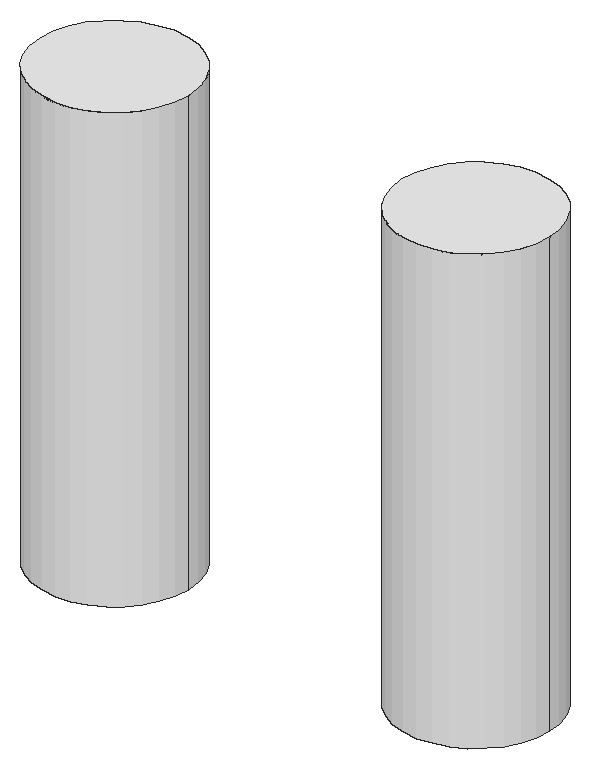
Revit family "65412210", category Plumbing Fixtures, Revit 2016
Family settings
  Part Type = Normal
  Round Connector Dimension = Use Diameter
  OmniClass Number = 23.45.55.00
  OmniClass Title = Sanitary Faucets, Wastes
  Work Plane-Based = No
  Always vertical = Yes
  Cut with Voids When Loaded = No
  Shared = No
  Room Calculation Point = No
Parameters (values of type "65412210 Washbasin faucet, 6V")
  WorkingPressure = "100-1000 kPa"
  WarrantyStartDate [instance] = "n/a"
  WarrantyGuarantorParts = "n/a"
  WarrantyGuarantorLabor = "n/a"
  WarrantyDurationUnit = "Year"
  WarrantyDurationParts = "n/a"
  WarrantyDurationLabor = "n/a"
  WarrantyDescription = "http://warranty.hansa.com"
  VersionDate = "01/01/2019"  # constant formula
  Version = "2"  # constant formula
  ValvePattern = "n/a"
  ValveOperation = "n/a"
  ValveMechanism = "n/a"
  VA Certificate = "VA 1.42/20137"
  Usage Group = "Offices, personnel sanitary facilities;Hospitals;Households"
  Uniclass2015Reference = "Pr_40_20_87_78"
  Uniclass2015Description = "Shower manual water supply sets"
  Uniclass2 = "Pr_40_30_96_78"
  URL STF = "http://static.hansa.com/STF/65412210"
  URL ETA-Danmark = "http://static.hansa.com/ETADanmark/65412210"
  URL DVGW = "http://static.hansa.com/DVGW/65412210"
  URL CSTB = "http://static.hansa.com/CSTB/65412210"
  URL ACS = "http://static.hansa.com/ACS/65412210"
  URL = ""
  TestPressure = "n/a"
  Temperature = "Temperature regulator;Temperature limiter"
  TagNumber [instance] = "n/a"
  SustainabilityPerformance = "n/a"
  Spout Type = "Fixed spout"
  Spare Parts = "http://static.hansa.com/sp/65412210"
  Size = "69.5x134x125 mm"
  Shower Spray = "1 spray"
  Shape = "Sculptured"
  SerialNumber [instance] = "n/a"
  STF Certificate = "STF VTT-RTH-00024-12"
  Revision = "2"  # constant formula
  ReplacementCost = "n/a"
  Recognition Range = "Optimally preset"
  Protection Class = "IP 55"
  Projection = 85 mm
  ProductInformation = "n/a"
  Product URL = "http://static.hansa.com/65412210"
  Product Image URL = "http://static.hansa.com/image/65412210"
  Product Family = "HANSAFIT"
  Product Datasheet = "http://www.hansa.com/datasheet/65412210/en"
  Product Code = "65412210"
  Pipes = "Flexible inlet pipes"
  Package external Dimensions = "290 x 210 x 90"
  Package Weight = "1.008 kg"
  OperatingMechanismMaterial = "n/a"
  Operating Voltage = 6 V
  NominalWidth = 69.5 mm
  NominalHeight = 125 mm
  NominalDepth = 135 mm
  Noise Class = "I (ISO 3822)"
  Name_en = "65412210 Washbasin faucet, 6V"
  Name = "65412210 Washbasin faucet, 6V"
  NBSReference = "45-35-70/315"
  NBSDescription = "Water supply fittings for baths"
  ModelReference = "65412210"
  ModelNumber = "n/a"
  Model = "65412210 Washbasin faucet, 6V"
  Mechanical Parts = "Litter filter"
  Max. Hot Water Supply = 70 °C
  Max Flow Period = 120.0 s
  Material = "Brass"
  Market = "AUT;BEL;CZE;DEU;ESP;FRA;INT;ITA;NLD;SVK"
  ManufacturerName = "Hansa"
  Manufacturer = "Hansa"
  ManufacterURL = "http://www.hansa.com/"
  Long Marketing = ""
  Lever Handle = "Temperature control handle"
  Intelligent After Flow Period = "2 s ± 1 s"
  InstallationDate [instance] = "n/a"
  Installation and Maintenance = "http://static.hansa.com/manual/65412210"
  Installation Type = "Deck mounted"
  InletConnectionSize = 10 mm
  IfcExportType = "FAUCET"  # constant formula
  IfcExportAs = "IfcValveType"  # constant formula
  Health Sales Arguments = "Touch-free operation. Maximum comfort, maximum hygiene."
  Group = "Washbasins faucets"
  Grade = "n/a"
  FlowCoefficient = 0
  Flow Rate At 300kPa With Flow Controller = 0.08 L/s
  Flow Drawing URL = "http://static.hansa.com/flowchart/65412210"
  Flow = "Limitation option for maximum flow-rate"
  Finish = "Polished"
  Features = "Battery-operated, touchless"
  FaucetMainMaterial = Brass
  FDV Document URL = "http://www.hansa.com/datasheet/65412210/en/fdv"
  Extensions = "No pop-up waste included"
  ExpectedLife = "n/a"
  Electronic Parts = "Solenoid valve;Infrared sensor"
  ETA-Danmark = "VA 1.42/20137"
  EMC Directive = "2004/108/EY"
  EAN Number = "4015474273290"
  DurationUnit = "Year"
  Dimension Drawing URL = "http://static.hansa.com/dimdrw/65412210"
  Description = ""
  DefaultElevation [instance] = 900 mm
  Customs Code = "84818011"
  ConvergoRefNr = "0087-1710-0036-DE"
  Constituents = "n/a"
  Connection Size = "G3/8"
  Color = "Chrome"
  CodePerformance = "n/a"
  CloseOffRating = 0
  Class = "Battery-operated, touchless"
  Category = "Bathroom, public"
  Catalog Drawing URL = "http://static.hansa.com/catdrw/65412210"
  CE Approval = "True"
  Brand = "Hansa"
  BodyMaterial = "Brass"
  Battery = "Lithium 2CR5 6 V"
  Barcode [instance] = "n/a"
  BIMObjectName = "65412210"
  Author = "Convergo AB"  # constant formula
  AssetType = "Fixed"
  AssetIdentifier [instance] = "n/a"
  Approval DVGW = "CW-6514CN0469"
  Approval CSTB = "322-M1-17/1"
  Approval ACS = "15 ACC LY 337"
  Aerator = "CACHE integrated aerator"
  Advanced Features = "Without draw-rod opening"
  AccessibilityPerformance = "n/a"
  2D/3D/BIM Files URL = "http://static.hansa.com/bim/65412210"
Reference planes
  plane 1 "Center (Front/Back)": y = 0
  plane 2: z = 0
  plane 3 "Center (Left/Right)": x = 0
  plane 4: x = -30
  plane 5: x = 30
  plane 6: z = 1025
  plane 7: z = 900
  plane 8: z = 870
  plane 9: y = -135
  plane 10: x = 39.5
Forms (mm)
  Extrusion 1, solid, material "Brass" <- "FaucetMainMaterial"
    sketch origin (0, 0, 0) x (1, 0, 0) y (0, 1, 0)
      loop
        circle (-12.25, -27.5) r 5
      loop
        circle (12.25, -27.5) r 5
    from 870 to 900
  Extrusion 2, solid, material "Brass" <- "FaucetMainMaterial", detail levels medium
    sketch origin (0, 0, 0) x (0, 1, 0) y (0, 0, 1)
      loop
        line (0, 900) -> (-15.35, 1025) -> (-135, 987.771) -> (-104.1, 966.135) -> (-63.919, 974.771) -> (-60, 900) -> (0, 900)
    from -30 to 30
  Extrusion 3, solid, material "Brass" <- "FaucetMainMaterial", detail levels medium
    sketch origin (0, 0, 0) x (0, 1, 0) y (0, 0, 1)
      loop
        arc (-39.299, 920.025) -> (-31.49, 910.287) -> (-23.681, 920.025) r 8
        line (-23.681, 920.025) -> (-27.649, 937.85) -> (-35.332, 937.85) -> (-39.299, 920.025)
    from 30 to 39.5
  Extrusion 4, solid, material "Brass" <- "FaucetMainMaterial", detail levels coarse
    sketch origin (0, 0, 0) x (1, 0, 0) y (0, 1, 0)
      loop
        line (-30, 0) -> (-30, -135) -> (39.5, -135) -> (39.5, 0) -> (-30, 0)
    from 900 to 1025
Lines and regions (mm)
  symbolic lines, detail levels medium+fine
    curve 1: spline (13.943, -128.56, 0) -> (12.274, -130.409, 0) -> (10.26, -131.998, 0) -> (7.958, -133.284, 0) -> (5.433, -134.228, 0) -> (2.755, -134.806, 0) -> (0, -135, 0) -> (-2.755, -134.806, 0) -> (-5.433, -134.228, 0) -> (-7.958, -133.284, 0) -> (-10.26, -131.998, 0) -> (-12.274, -130.409, 0) -> (-13.943, -128.56, 0)
    curve 3: line (16.878, -121.158, 0) -> (22.087, -50.302, 0)
    curve 5: spline (16.878, -121.158, 0) -> (16.857, -121.813, 0) -> (16.794, -122.466, 0) -> (16.69, -123.116, 0) -> (16.543, -123.762, 0) -> (16.356, -124.4, 0) -> (16.128, -125.031, 0) -> (15.859, -125.652, 0) -> (15.552, -126.262, 0) -> (15.205, -126.859, 0) -> (14.821, -127.442, 0) -> (14.4, -128.009, 0) -> (13.943, -128.56, 0)
    curve 6: line (-22.087, -50.302, 0) -> (-16.878, -121.158, 0)
    curve 8: arc (22.087, -50.302, 0) -> (25.85, -45.224, 0) -> (28.466, -39.471, 0) r 30
    curve 9: spline (-13.943, -128.56, 0) -> (-14.4, -128.009, 0) -> (-14.821, -127.442, 0) -> (-15.205, -126.859, 0) -> (-15.552, -126.262, 0) -> (-15.859, -125.652, 0) -> (-16.128, -125.031, 0) -> (-16.356, -124.4, 0) -> (-16.543, -123.762, 0) -> (-16.69, -123.116, 0) -> (-16.794, -122.466, 0) -> (-16.857, -121.813, 0) -> (-16.878, -121.158, 0)
    curve 12: line (35.255, -39.471, 0) -> (28.466, -39.471, 0)
    curve 14: arc (29.281, -23.471, 0) -> (-13.889, -3.409, 0) -> (-22.087, -50.302, 0) r 30
    curve 16: spline (35.255, -39.471, 0) -> (36.353, -39.198, 0) -> (37.377, -38.399, 0) -> (38.257, -37.128, 0) -> (38.931, -35.471, 0) -> (39.355, -33.541, 0) -> (39.5, -31.471, 0) -> (39.355, -29.4, 0) -> (38.931, -27.471, 0) -> (38.257, -25.814, 0) -> (37.377, -24.543, 0) -> (36.353, -23.743, 0) -> (35.255, -23.471, 0)
    curve 18: line (29.281, -23.471, 0) -> (35.255, -23.471, 0)
    curve 19: line (-30, 0, 900) -> (30, 0, 900)
    curve 20: line (30, 0, 900) -> (29.204, 0, 910.488)
    curve 21: line (-22.5, 0, 998.82) -> (-30, 0, 900)
    curve 22: spline (22.5, 0, 998.82) -> (21.733, 0, 1005.596) -> (19.486, 0, 1011.91) -> (15.91, 0, 1017.332) -> (11.25, 0, 1021.493) -> (5.823, 0, 1024.108) -> (0, 0, 1025) -> (-5.823, 0, 1024.108) -> (-11.25, 0, 1021.493) -> (-15.91, 0, 1017.332) -> (-19.486, 0, 1011.91) -> (-21.733, 0, 1005.596) -> (-22.5, 0, 998.82)
    curve 23: line (29.204, 0, 910.488) -> (37.5, 0, 910.488)
    curve 24: line (39.5, 0, 912.488) -> (39.5, 0, 937.221)
    curve 25: line (35.544, 0, 936.534) -> (32.425, 0, 926.331)
    curve 26: line (28.002, 0, 926.331) -> (32.425, 0, 926.331)
    curve 27: line (28.002, 0, 926.331) -> (22.5, 0, 998.82)
    curve 28: arc (37.5, 0, 910.488) -> (38.914, 0, 911.074) -> (39.5, 0, 912.488) r 2
    curve 29: arc (36.151, 0, 937.251) -> (35.774, 0, 936.955) -> (35.544, 0, 936.534) r 1.19
    curve 30: arc (38.767, 0, 937.924) -> (37.423, 0, 937.726) -> (36.151, 0, 937.251) r 6.452
    curve 31: arc (39.5, 0, 937.221) -> (39.284, 0, 937.729) -> (38.767, 0, 937.924) r 0.704
    curve 41: line (0, -0.016, 900) -> (0, -60, 900)
    curve 42: line (0, -60, 900) -> (0, -60.746, 914.227)
    curve 43: line (0, -71.326, 973.179) -> (0, -105.096, 965.921)
    curve 44: line (0, -134.147, 985.872) -> (0, -105.88, 966.079)
    curve 45: line (0, -133.586, 989.423) -> (0, -17.632, 1024.95)
    curve 46: line (0, -15.06, 1023.28) -> (0, -0.016, 900)
    curve 47: arc (0, -63.528, 967.325) -> (0, -66.059, 972.075) -> (0, -71.326, 973.179) r 6.354
    curve 48: arc (0, -134.147, 985.872) -> (0, -134.975, 987.823) -> (0, -133.586, 989.423) r 2
    curve 49: arc (0, -105.096, 965.921) -> (0, -105.504, 965.918) -> (0, -105.88, 966.079) r 1
    curve 50: arc (0, -17.632, 1024.95) -> (0, -15.956, 1024.715) -> (0, -15.06, 1023.28) r 2
    curve 51: arc (0, -62.05, 939.118) -> (0, -63.158, 935.556) -> (0, -61.684, 932.128) r 5.385
    curve 52: arc (0, -61.112, 921.218) -> (0, -62.215, 917.655) -> (0, -60.746, 914.227) r 5.4
    curve 53: line (0, -61.112, 921.218) -> (0, -61.684, 932.128)
    curve 55: line (0, -62.05, 939.118) -> (0, -63.528, 967.325)
  symbolic lines, detail levels fine
    curve 2: line (-22.477, -44.998, 0) -> (-22.087, -50.302, 0)
    curve 4: spline (22.477, -44.998, 0) -> (21.711, -38.01, 0) -> (19.465, -31.498, 0) -> (15.893, -25.906, 0) -> (11.238, -21.615, 0) -> (5.817, -18.918, 0) -> (0, -17.998, 0) -> (-5.817, -18.918, 0) -> (-11.238, -21.615, 0) -> (-15.893, -25.906, 0) -> (-19.465, -31.498, 0) -> (-21.711, -38.01, 0) -> (-22.477, -44.998, 0)
    curve 7: line (22.087, -50.302, 0) -> (22.477, -44.998, 0)
    curve 10: spline (13.943, -128.56, 0) -> (12.226, -130.213, 0) -> (10.189, -131.629, 0) -> (7.885, -132.771, 0) -> (5.374, -133.609, 0) -> (2.723, -134.12, 0) -> (0, -134.292, 0) -> (-2.723, -134.12, 0) -> (-5.374, -133.609, 0) -> (-7.885, -132.771, 0) -> (-10.189, -131.629, 0) -> (-12.226, -130.213, 0) -> (-13.943, -128.56, 0)
    curve 11: line (27.518, -23.471, 0) -> (29.281, -23.471, 0)
    curve 13: arc (27.518, -23.471, 0) -> (28.244, -31.471, 0) -> (27.518, -39.471, 0) r 44.424
    curve 15: spline (35.255, -23.471, 0) -> (34.156, -23.743, 0) -> (33.132, -24.543, 0) -> (32.253, -25.814, 0) -> (31.578, -27.471, 0) -> (31.154, -29.4, 0) -> (31.009, -31.471, 0) -> (31.154, -33.541, 0) -> (31.578, -35.471, 0) -> (32.253, -37.128, 0) -> (33.132, -38.399, 0) -> (34.156, -39.198, 0) -> (35.255, -39.471, 0)
    curve 17: line (28.466, -39.471, 0) -> (27.518, -39.471, 0)
    curve 32: arc (28.002, 0, 926.331) -> (27.645, 0, 918.337) -> (29.204, 0, 910.488) r 33.318
    curve 33: circle (0, 0, 935.757) r 3.5 normal (0, -1, 0)
    curve 34: circle (0, 0, 917.806) r 3.5 normal (0, -1, 0)
    curve 35: spline (17.5, 0, 977.391) -> (16.904, 0, 980.471) -> (15.155, 0, 983.341) -> (12.374, 0, 985.806) -> (8.75, 0, 987.698) -> (4.529, 0, 988.886) -> (0, 0, 989.292) -> (-4.529, 0, 988.886) -> (-8.75, 0, 987.698) -> (-12.374, 0, 985.806) -> (-15.155, 0, 983.341) -> (-16.904, 0, 980.471) -> (-17.5, 0, 977.391) -> (-16.904, 0, 974.31) -> (-15.155, 0, 971.44) -> (-12.374, 0, 968.975) -> (-8.75, 0, 967.084) -> (-4.529, 0, 965.895) -> (0, 0, 965.489) -> (4.529, 0, 965.895) -> (8.75, 0, 967.084) -> (12.374, 0, 968.975) -> (15.155, 0, 971.44) -> (16.904, 0, 974.31) -> (17.5, 0, 977.391)
    curve 36: spline (16.04, 0, 977.391) -> (15.493, 0, 979.979) -> (13.891, 0, 982.391) -> (11.342, 0, 984.462) -> (8.02, 0, 986.051) -> (4.151, 0, 987.05) -> (0, 0, 987.391) -> (-4.151, 0, 987.05) -> (-8.02, 0, 986.051) -> (-11.342, 0, 984.462) -> (-13.891, 0, 982.391) -> (-15.493, 0, 979.979) -> (-16.04, 0, 977.391) -> (-15.493, 0, 974.802) -> (-13.891, 0, 972.391) -> (-11.342, 0, 970.319) -> (-8.02, 0, 968.73) -> (-4.151, 0, 967.731) -> (0, 0, 967.391) -> (4.151, 0, 967.731) -> (8.02, 0, 968.73) -> (11.342, 0, 970.319) -> (13.891, 0, 972.391) -> (15.493, 0, 974.802) -> (16.04, 0, 977.391)
    curve 37: spline (10.857, 0, 975.766) -> (10.487, 0, 977.3) -> (9.403, 0, 978.73) -> (7.677, 0, 979.958) -> (5.429, 0, 980.9) -> (2.81, 0, 981.492) -> (0, 0, 981.694) -> (-2.81, 0, 981.492) -> (-5.429, 0, 980.9) -> (-7.677, 0, 979.958) -> (-9.403, 0, 978.73) -> (-10.487, 0, 977.3) -> (-10.857, 0, 975.766) -> (-10.487, 0, 974.231) -> (-9.403, 0, 972.801) -> (-7.677, 0, 971.573) -> (-5.429, 0, 970.631) -> (-2.81, 0, 970.039) -> (0, 0, 969.837) -> (2.81, 0, 970.039) -> (5.429, 0, 970.631) -> (7.677, 0, 971.573) -> (9.403, 0, 972.801) -> (10.487, 0, 974.231) -> (10.857, 0, 975.766)
    curve 38: spline (7.476, 0, 975.766) -> (7.221, 0, 976.868) -> (6.474, 0, 977.896) -> (5.286, 0, 978.778) -> (3.738, 0, 979.455) -> (1.935, 0, 979.88) -> (0, 0, 980.026) -> (-1.935, 0, 979.88) -> (-3.738, 0, 979.455) -> (-5.286, 0, 978.778) -> (-6.474, 0, 977.896) -> (-7.221, 0, 976.868) -> (-7.476, 0, 975.766) -> (-7.221, 0, 974.663) -> (-6.474, 0, 973.636) -> (-5.286, 0, 972.753) -> (-3.738, 0, 972.076) -> (-1.935, 0, 971.651) -> (0, 0, 971.506) -> (1.935, 0, 971.651) -> (3.738, 0, 972.076) -> (5.286, 0, 972.753) -> (6.474, 0, 973.636) -> (7.221, 0, 974.663) -> (7.476, 0, 975.766)
    curve 39: line (-22.5, 0, 998.82) -> (-17.5, 0, 977.391)
    curve 40: line (22.5, 0, 998.82) -> (17.5, 0, 977.391)
    curve 54: line (0, -60.746, 914.227) -> (0, -61.112, 921.218)
    curve 56: line (0, -61.684, 932.128) -> (0, -62.05, 939.118)
Dimensions and locks
  equal spacing: plane 4, plane 3 "Center (Left/Right)", plane 5
  "NominalHeight": plane 6 to plane 7
  "DefaultElevation": plane 7 to level
  locked: plane 7 to plane 8 at 30
  "NominalDepth": plane 9 to plane 1 "Center (Front/Back)"
  locked: plane 5 to plane 10 at 9.5
  "NominalWidth": plane 4 to plane 10
  "InletConnectionSize": diameter of Extrusion 1 sketch curve  (x2)
  aligned and locked: level to plane 2
  aligned and locked: plane 7 to Extrusion 1
  aligned and locked: Extrusion 1 to plane 8
  aligned and locked: plane 7 to import instance
  aligned and locked: Extrusion 2 to plane 4
  aligned and locked: plane 5 to Extrusion 2
  aligned and locked: plane 10 to Extrusion 3
  aligned and locked: Extrusion 3 to plane 5
  aligned and locked: plane 6 to Extrusion 4
  aligned and locked: Extrusion 4 to plane 7
Automatic sketch dimensions
  curve 8 to curve 14 = 0 mm  (x2)
  curve 4 to plane 3 "Center (Left/Right)" = 0 mm
  curve 5 to plane 3 "Center (Left/Right)" = 0 mm
  curve 9 to plane 3 "Center (Left/Right)" = 0 mm
  curve 8 to plane 3 "Center (Left/Right)" = 0 mm
  curve 1 to plane 3 "Center (Left/Right)" = 0 mm
  curve 10 to plane 3 "Center (Left/Right)" = 0 mm
  plane 4 to curve 13 = 13.82 mm
  plane 4 to curve 6 = 13.122 mm
  plane 4 to curve 2 = 7.913 mm
  curve 2 to curve 14 = 0.39 mm
  curve 3 to curve 9 = 0 mm
  curve 7 to curve 4 = 0.39 mm
  curve 17 to plane 5 = 2.482 mm
  curve 11 to plane 5 = 2.482 mm
  curve 3 to plane 9 = 13.842 mm
  curve 6 to plane 9 = 13.842 mm
  plane 1 "Center (Front/Back)" to curve 6 = 50.302 mm
  curve 2 to curve 3 = 0 mm
  curve 14 to curve 2 = 5.304 mm
  curve 4 to curve 17 = 5.527 mm
  curve 4 to curve 8 = 14.998 mm
  curve 1 to plane 9 = 6.44 mm
  curve 6 to curve 1 = 2.935 mm
  curve 1 to curve 3 = 0.378 mm
  curve 10 to curve 9 = 0 mm  (x2)
  curve 15 to plane 10 = 4.245 mm
  curve 1 to curve 3 = 0 mm
  curve 15 to curve 15 = 8 mm
  curve 18 to plane 10 = 4.245 mm
  curve 16 to curve 15 = 0 mm
  curve 19 to plane 4 = 0 mm
  curve 38 to plane 3 "Center (Left/Right)" = 0 mm
  curve 33 to plane 3 "Center (Left/Right)" = 0 mm
  curve 22 to plane 3 "Center (Left/Right)" = 0 mm
  curve 34 to plane 3 "Center (Left/Right)" = 0 mm
  curve 37 to plane 3 "Center (Left/Right)" = 0 mm
  curve 35 to plane 3 "Center (Left/Right)" = 0 mm
  curve 36 to plane 3 "Center (Left/Right)" = 0 mm
  curve 20 to plane 5 = 0 mm
  curve 24 to plane 10 = 0 mm
  curve 19 to plane 7 = 0 mm
  plane 4 to curve 21 = 7.5 mm
  curve 27 to plane 5 = 1.998 mm
  curve 20 to plane 5 = 0.796 mm
  plane 5 to curve 26 = 2.425 mm
  curve 25 to plane 10 = 3.956 mm
  curve 29 to curve 29 = 1.138 mm
  curve 28 to curve 28 = 2 mm
  curve 31 to curve 31 = 0.704 mm
  curve 30 to plane 10 = 0.469 mm
  plane 10 to curve 32 = 21.368 mm
  plane 7 to curve 23 = 10.488 mm
  plane 7 to curve 34 = 17.806 mm
  plane 7 to curve 32 = 20.858 mm
  curve 25 to curve 30 = 5.147 mm
  curve 34 to curve 33 = 17.951 mm
  curve 30 to curve 29 = 4.708 mm
  curve 29 to curve 25 = 0.348 mm
  curve 29 to curve 24 = 1.035 mm
  curve 39 to plane 6 = 26.18 mm
  plane 4 to curve 39 = 12.5 mm
  curve 37 to curve 38 = 7.476 mm
  curve 38 to curve 37 = 3.382 mm
  curve 36 to curve 35 = 1.46 mm
  curve 30 to curve 29 = 0 mm
  curve 38 to curve 22 = 23.055 mm
  curve 37 to curve 38 = 0 mm
  curve 37 to curve 39 = 1.625 mm
  curve 37 to curve 36 = 1.625 mm
  curve 35 to curve 36 = 0 mm
  curve 40 to curve 35 = 0 mm
  curve 42 to plane 7 = 0 mm
  curve 44 to plane 9 = 0.853 mm
  curve 45 to plane 9 = 1.414 mm
  curve 45 to curve 48 = 0.586 mm
  curve 44 to plane 9 = 29.12 mm
  curve 49 to curve 49 = 0.574 mm
  curve 49 to curve 43 = 0.784 mm
  curve 43 to curve 43 = 33.77 mm
  curve 47 to curve 47 = 1.452 mm
  curve 47 to curve 55 = 6.346 mm
  plane 1 "Center (Front/Back)" to curve 42 = 60 mm
  curve 55 to curve 51 = 5.749 mm
  curve 51 to curve 52 = 0.957 mm
  curve 45 to plane 6 = 0.05 mm
  plane 1 "Center (Front/Back)" to curve 45 = 17.632 mm
  curve 45 to curve 50 = 0.586 mm
  curve 46 to plane 6 = 1.72 mm
  curve 50 to curve 46 = 1.985 mm
  plane 1 "Center (Front/Back)" to curve 46 = 0.016 mm
  plane 7 to curve 52 = 17.938 mm
  curve 52 to curve 51 = 17.9 mm
  curve 51 to curve 43 = 30.083 mm
  curve 49 to curve 44 = 0.159 mm
  curve 51 to curve 47 = 31.155 mm
  curve 47 to curve 55 = 0.333 mm
  curve 44 to curve 44 = 19.793 mm
  curve 48 to curve 48 = 1.638 mm
  curve 51 to curve 51 = 4.27 mm
  curve 52 to curve 52 = 4.29 mm
  curve 52 to curve 54 = 3.28 mm
  plane 7 to curve 42 = 14.227 mm
  curve 51 to curve 55 = 3.281 mm
  plane 7 to curve 53 = 32.128 mm
  plane 7 to Extrusion 3 sketch curve = 20.025 mm  (x2)
  plane 1 "Center (Front/Back)" to Extrusion 3 sketch curve = 39.299 mm
  Extrusion 3 sketch curve to Extrusion 3 sketch curve = 7.684 mm
  Extrusion 3 sketch curve to Extrusion 3 sketch curve = 1.738 mm
  Extrusion 3 sketch curve to Extrusion 3 sketch curve = 3.967 mm
  Extrusion 3 sketch curve to Extrusion 3 sketch curve = 7.809 mm
  Extrusion 3 sketch curve to Extrusion 3 sketch curve = 17.825 mm
  Extrusion 2 sketch curve to plane 9 = 0 mm
  Extrusion 2 sketch curve to plane 6 = 0 mm
  Extrusion 2 sketch curve to plane 1 "Center (Front/Back)" = 0 mm
  Extrusion 2 sketch curve to plane 7 = 0 mm
  Extrusion 2 sketch curve to plane 9 = 30.9 mm
  Extrusion 2 sketch curve to Extrusion 2 sketch curve = 40.181 mm
  plane 1 "Center (Front/Back)" to Extrusion 2 sketch curve = 60 mm
  Extrusion 2 sketch curve to plane 6 = 58.865 mm
  Extrusion 2 sketch curve to Extrusion 2 sketch curve = 8.636 mm
  Extrusion 2 sketch curve to plane 6 = 37.229 mm
  plane 1 "Center (Front/Back)" to Extrusion 2 sketch curve = 15.35 mm
  Extrusion 4 sketch curve to plane 4 = 0 mm
  plane 9 to Extrusion 4 sketch curve = 0 mm
  Extrusion 4 sketch curve to plane 10 = 0 mm
  plane 1 "Center (Front/Back)" to Extrusion 4 sketch curve = 0 mm
  Extrusion 1 sketch curve to plane 3 "Center (Left/Right)" = 12.25 mm
  plane 3 "Center (Left/Right)" to Extrusion 1 sketch curve = 12.25 mm
  plane 1 "Center (Front/Back)" to Extrusion 1 sketch curve = 27.5 mm
  Extrusion 1 sketch curve to Extrusion 1 sketch curve = 0 mm
  radius of curve 33 = 3.5 mm
  radius of curve 34 = 3.5 mm
Nested families
  nested 1: "Symbol" at (0, 0, 0), type "Symbol", detail levels coarse
Connectors
  piping at (-12.25, -27.5, 870), diameter 10, driven by "InletConnectionSize", driven by "Flow Rate At 300kPa With Flow Controller"
    settings: on Extrusion 1, index 1, connector inside diameter 609.6 mm, connector length 0 mm, flow factor 0, pipe flow 0.08 L/s, pressure drop 0.0 Pa, fitting loss kfactor 0, connector angle 0.00°, fixture units 0, engagement length 0 mm, angle of deflection 0.00°, flow configuration 1, flow direction 1, fitting loss method 0, system type 19, joint type 0, gender type 0, connector reference index -1, connector utility 0, adjustable connector no, is connector primary yes, connector description ""
  piping at (12.25, -27.5, 870), diameter 10, driven by "InletConnectionSize", driven by "Flow Rate At 300kPa With Flow Controller"
    settings: on Extrusion 1, index 2, connector inside diameter 609.6 mm, connector length 0 mm, flow factor 0, pipe flow 0.08 L/s, pressure drop 0.0 Pa, fitting loss kfactor 0, connector angle 0.00°, fixture units 0, engagement length 0 mm, angle of deflection 0.00°, flow configuration 1, flow direction 1, fitting loss method 0, system type 20, joint type 0, gender type 0, connector reference index -1, connector utility 0, adjustable connector no, is connector primary no, connector description ""
Definition of nested family "Symbol"
  Reference planes
    plane 1: y = 0
    plane 2: x = 0
  Lines and regions (mm)
    detail lines
      curve 1: line (0, 0, 0) -> (0, -1.8, 0)
      curve 2: line (-0.4, -1.1, 0) -> (0.4, -1.1, 0)
      curve 3: line (-0.4, -1.4, 0) -> (0.4, -1.4, 0)
      curve 4: line (0.863, 0, 0) -> (-0.863, 0, 0)
      curve 5: circle (-1.163, 0, 0) r 0.3 normal (0, 0, -1)
      curve 6: circle (1.163, 0, 0) r 0.3 normal (0, 0, 1)
